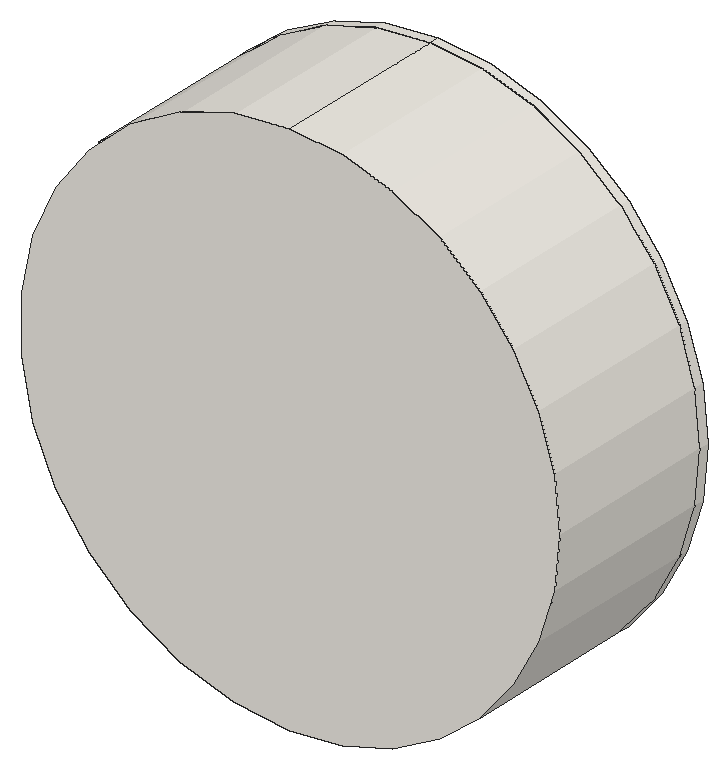
Revit family "ERA_LF_WC_SPB-201", category Осветительные приборы, Revit 2019 (continued)
Types (16, lengths in mm): name | Файл фотометрической сетки | Lumens | built-in parameter 1150142 | built-in parameter 1150107 | _Корпус_Диаметр | _Корпус_Высота | URL | ADSK_Размер_Диаметр | ADSK_Полная мощность | ADSK_Номинальная мощность | ADSK_Масса | ADSK_Марка | ADSK_Коэффициент мощности | ADSK_Размер_Высота | ADSK_Обозначение | ADSK_Наименование
  SPB-201-2-65K-012, LED, IP65, d 155х52 мм, 12 Вт, 6500 К, 1140 лм, класс защиты II, в комплекте (импульсный драйвер) | "SPB-201-2-65K-012.ies" | 1140 lm | "IESNA:LM-63-1995\r\n[DATA] 05.11.2020\r\n[MANUFAC]??РА \r\n[LUMCAT] SPB-201-2-65К-012\r\n[LUMINAIRE] Светильник\r\n[LAMP] Светодиодный модуль\r\nTILT=NONE\r\n1 1271 1.273 181 1 1 2 -0.155 0.000 0.05\r\n1 1 11.433\r\n0 1 2 3 4 5 6 7 8 9 10 11 12 13 14 15 16 17 18 19 20 21 22 23 24 25 26 27 28 29 30 31 32 33 34 35 36 37 38 39 40 41 42 43 44 45 46 47 48 49 50 51 52 53 54 55 56 57 58 59 60 61 62 63 64 65 66 67 68 69 70 71 72 73 74 75 76 77 78 79 80 81 82 83 84 85 86 87 88 89 90 91 92 93 94 95 96 97 98 99 100 101 102 103 104 105 106 107 108 109 110 111 112 113 114 115 116 117 118 119 120 121 122 123 124 125 126 127 128 129 130 131 132 133 134 135 136 137 138 139 140 141 142 143 144 145 146 147 148 149 150 151 152 153 154 155 156 157 158 159 160 161 162 163 164 165 166 167 168 169 170 171 172 173 174 175 176 177 178 179 180 \r\n0\r\n273.8 273.8 273.6 273.4 273.2 272.8 272.3 271.8 271.2 270.5 269.6 268.8 267.8 266.7 265.6 264.4 263.1 261.7 260.3 258.8 257.2 255.5 253.7 251.9 250 248 246 243.9 241.7 239.5 237.2 234.8 232.4 229.9 227.3 224.7 222.1 219.3 216.5 213.7 210.8 207.9 204.9 201.8 198.8 195.6 192.5 189.2 186 182.7 179.3 175.9 172.5 169 165.5 162 158.4 154.7 151.1 147.4 143.7 139.9 136.2 132.4 128.5 124.7 120.8 117 113.1 109.2 105.3 101.3 97.4 93.5 89.6 85.8 81.9 78.1 74.4 70.7 67.1 63.5 60.1 56.8 53.6 50.7 48 45.5 43.3 41.3 39.6 37.9 36.5 35.2 33.8 32.6 31.3 30.1 29 27.9 26.7 25.7 24.6 23.6 22.6 21.6 20.6 19.6 18.6 17.7 16.7 15.8 14.9 14.1 13.2 12.4 11.6 10.8 10.1 9.4 8.7 8.1 7.5 6.9 6.3 5.8 5.1 4.6 3.9 3.5 2.9 2.5 2 0 0 0 0 0 0 0 0 0 0 0 0 0 0 0 0 0 0 0 0 0 0 0 0 0 0 0 0 0 0 0 0 0 0 0 0 0 0 0 0 0 0 0 0 0 0 0 0" | 6500 (stored number, unit not read) | 155.00 | 52.00 | "https://www.eraworld.ru/catalog/2652985" | 155.00 | 14.1176 VA | 12 W | 0.162 | "SPB-201-2-65K-012" | 0.85 | 52.00 | "SPB-201-2-65K-012" | "Светильник, LED, круглый, настенный, IP65, d 155х52 мм, 12 Вт, 6500 К, 1140 лм, класс защиты II, в комплекте (импульсный драйвер)"
  SPB-201-0-40K-015, LED, IP65, d 175х52 мм, 15 Вт, 4000 К, 1425 лм, класс защиты II, в комплекте (импульсный драйвер) | "SPB-201-0-40K-015.ies" | 1425 lm | "IESNA:LM-63-1995\r\n[DATA] 05.11.2020\r\n[MANUFAC]??РА\r\n[LUMCAT] SPB-201-0-40К-015\r\n[LUMINAIRE] Светильник\r\n[LAMP] Светодиодный модуль\r\nTILT=NONE\r\n1 1411 1.411 181 1 1 2 -0.175 0.000 0.052\r\n1 1 14.058\r\n0 1 2 3 4 5 6 7 8 9 10 11 12 13 14 15 16 17 18 19 20 21 22 23 24 25 26 27 28 29 30 31 32 33 34 35 36 37 38 39 40 41 42 43 44 45 46 47 48 49 50 51 52 53 54 55 56 57 58 59 60 61 62 63 64 65 66 67 68 69 70 71 72 73 74 75 76 77 78 79 80 81 82 83 84 85 86 87 88 89 90 91 92 93 94 95 96 97 98 99 100 101 102 103 104 105 106 107 108 109 110 111 112 113 114 115 116 117 118 119 120 121 122 123 124 125 126 127 128 129 130 131 132 133 134 135 136 137 138 139 140 141 142 143 144 145 146 147 148 149 150 151 152 153 154 155 156 157 158 159 160 161 162 163 164 165 166 167 168 169 170 171 172 173 174 175 176 177 178 179 180 \r\n0\r\n276 276 275.9 275.7 275.5 275.1 274.7 274.3 273.7 273.1 272.4 271.6 270.8 269.8 268.8 267.7 266.5 265.3 263.9 262.5 261 259.4 257.8 256 254.2 252.3 250.4 248.3 246.2 244 241.7 239.4 237 234.6 232.1 229.5 226.8 224.1 221.3 218.5 215.6 212.6 209.6 206.5 203.4 200.2 196.9 193.6 190.2 186.7 183.3 179.7 176.1 172.5 168.8 165 161.2 157.4 153.4 149.5 145.5 141.5 137.4 133.3 129.2 125 120.8 116.5 112.3 108 103.7 99.3 95 90.7 86.3 82 77.8 73.5 69.3 65.2 61.2 57.3 53.6 50 46.6 43.4 40.5 38 35.9 34.2 32.7 31.5 30.5 29.6 28.7 27.8 27.1 26.3 25.6 24.8 24.1 23.4 22.7 22 21.4 20.7 20 19.3 18.7 18 17.3 16.7 16 15.4 14.7 14.1 13.5 12.9 12.3 11.7 11.1 10.5 10 9.4 8.9 8.4 7.9 7.4 6.9 6.4 6 5.5 5.1 4.7 4.3 3.6 3.2 2.5 2 0 0 0 0 0 0 0 0 0 0 0 0 0 0 0 0 0 0 0 0 0 0 0 0 0 0 0 0 0 0 0 0 0 0 0 0 0 0 0 0 0 0" | 4000 (stored number, unit not read) | 175.00 | 52.00 | "https://www.eraworld.ru/catalog/2652971" | 175.00 | 17.6471 VA | 15 W | 0.206 | "SPB-201-0-40K-015" | 0.85 | 52.00 | "SPB-201-0-40K-015" | "Светильник, LED, круглый, настенный, IP65, d 175х52 мм, 15 Вт, 4000 К, 1425 лм, класс защиты II, в комплекте (импульсный драйвер)"
  SPB-201-0-65K-015, LED, IP65, d 175х52 мм, 15 Вт, 6500 К, 1425 лм, класс защиты II, в комплекте (импульсный драйвер) | "SPB-201-0-65K-015.ies" | 1425 lm | "IESNA:LM-63-1995\r\n[DATA] 05.11.2020\r\n[MANUFAC]??РА\r\n[LUMCAT] SPB-201-0-65К-015\r\n[LUMINAIRE] Светильник\r\n[LAMP] Светодиодный модуль\r\nTILT=NONE\r\n1 1411 1.411 181 1 1 2 -0.175 0.000 0.052\r\n1 1 14.058\r\n0 1 2 3 4 5 6 7 8 9 10 11 12 13 14 15 16 17 18 19 20 21 22 23 24 25 26 27 28 29 30 31 32 33 34 35 36 37 38 39 40 41 42 43 44 45 46 47 48 49 50 51 52 53 54 55 56 57 58 59 60 61 62 63 64 65 66 67 68 69 70 71 72 73 74 75 76 77 78 79 80 81 82 83 84 85 86 87 88 89 90 91 92 93 94 95 96 97 98 99 100 101 102 103 104 105 106 107 108 109 110 111 112 113 114 115 116 117 118 119 120 121 122 123 124 125 126 127 128 129 130 131 132 133 134 135 136 137 138 139 140 141 142 143 144 145 146 147 148 149 150 151 152 153 154 155 156 157 158 159 160 161 162 163 164 165 166 167 168 169 170 171 172 173 174 175 176 177 178 179 180 \r\n0\r\n276 276 275.9 275.7 275.5 275.1 274.7 274.3 273.7 273.1 272.4 271.6 270.8 269.8 268.8 267.7 266.5 265.3 263.9 262.5 261 259.4 257.8 256 254.2 252.3 250.4 248.3 246.2 244 241.7 239.4 237 234.6 232.1 229.5 226.8 224.1 221.3 218.5 215.6 212.6 209.6 206.5 203.4 200.2 196.9 193.6 190.2 186.7 183.3 179.7 176.1 172.5 168.8 165 161.2 157.4 153.4 149.5 145.5 141.5 137.4 133.3 129.2 125 120.8 116.5 112.3 108 103.7 99.3 95 90.7 86.3 82 77.8 73.5 69.3 65.2 61.2 57.3 53.6 50 46.6 43.4 40.5 38 35.9 34.2 32.7 31.5 30.5 29.6 28.7 27.8 27.1 26.3 25.6 24.8 24.1 23.4 22.7 22 21.4 20.7 20 19.3 18.7 18 17.3 16.7 16 15.4 14.7 14.1 13.5 12.9 12.3 11.7 11.1 10.5 10 9.4 8.9 8.4 7.9 7.4 6.9 6.4 6 5.5 5.1 4.7 4.3 3.6 3.2 2.5 2 0 0 0 0 0 0 0 0 0 0 0 0 0 0 0 0 0 0 0 0 0 0 0 0 0 0 0 0 0 0 0 0 0 0 0 0 0 0 0 0 0 0" | 6500 (stored number, unit not read) | 175.00 | 52.00 | "https://www.eraworld.ru/catalog/2652972" | 175.00 | 17.6471 VA | 15 W | 0.206 | "SPB-201-0-65K-015" | 0.85 | 52.00 | "SPB-201-0-65K-015" | "Светильник, LED, круглый, настенный, IP65, d 175х52 мм, 15 Вт, 6500 К, 1425 лм, класс защиты II, в комплекте (импульсный драйвер)"
  SPB-201-1-40K-015, LED, IP65, d 175х52 мм, 15 Вт, 4000 К, 1425 лм, класс защиты II, в комплекте (импульсный драйвер) | "SPB-201-1-40K-015.ies" | 1425 lm | "IESNA:LM-63-1995\r\n[DATA] 05.11.2020\r\n[MANUFAC]??РА\r\n[LUMCAT] SPB-201-1-40К-015\r\n[LUMINAIRE] Светильник\r\n[LAMP] Светодиодный модуль\r\nTILT=NONE\r\n1 1411 1.411 181 1 1 2 -0.175 0.000 0.052\r\n1 1 14.058\r\n0 1 2 3 4 5 6 7 8 9 10 11 12 13 14 15 16 17 18 19 20 21 22 23 24 25 26 27 28 29 30 31 32 33 34 35 36 37 38 39 40 41 42 43 44 45 46 47 48 49 50 51 52 53 54 55 56 57 58 59 60 61 62 63 64 65 66 67 68 69 70 71 72 73 74 75 76 77 78 79 80 81 82 83 84 85 86 87 88 89 90 91 92 93 94 95 96 97 98 99 100 101 102 103 104 105 106 107 108 109 110 111 112 113 114 115 116 117 118 119 120 121 122 123 124 125 126 127 128 129 130 131 132 133 134 135 136 137 138 139 140 141 142 143 144 145 146 147 148 149 150 151 152 153 154 155 156 157 158 159 160 161 162 163 164 165 166 167 168 169 170 171 172 173 174 175 176 177 178 179 180 \r\n0\r\n276 276 275.9 275.7 275.5 275.1 274.7 274.3 273.7 273.1 272.4 271.6 270.8 269.8 268.8 267.7 266.5 265.3 263.9 262.5 261 259.4 257.8 256 254.2 252.3 250.4 248.3 246.2 244 241.7 239.4 237 234.6 232.1 229.5 226.8 224.1 221.3 218.5 215.6 212.6 209.6 206.5 203.4 200.2 196.9 193.6 190.2 186.7 183.3 179.7 176.1 172.5 168.8 165 161.2 157.4 153.4 149.5 145.5 141.5 137.4 133.3 129.2 125 120.8 116.5 112.3 108 103.7 99.3 95 90.7 86.3 82 77.8 73.5 69.3 65.2 61.2 57.3 53.6 50 46.6 43.4 40.5 38 35.9 34.2 32.7 31.5 30.5 29.6 28.7 27.8 27.1 26.3 25.6 24.8 24.1 23.4 22.7 22 21.4 20.7 20 19.3 18.7 18 17.3 16.7 16 15.4 14.7 14.1 13.5 12.9 12.3 11.7 11.1 10.5 10 9.4 8.9 8.4 7.9 7.4 6.9 6.4 6 5.5 5.1 4.7 4.3 3.6 3.2 2.5 2 0 0 0 0 0 0 0 0 0 0 0 0 0 0 0 0 0 0 0 0 0 0 0 0 0 0 0 0 0 0 0 0 0 0 0 0 0 0 0 0 0 0" | 4000 (stored number, unit not read) | 175.00 | 52.00 | "https://www.eraworld.ru/catalog/2652980" | 175.00 | 17.6471 VA | 15 W | 0.21 | "SPB-201-1-40K-015" | 0.85 | 52.00 | "SPB-201-1-40K-015" | "Светильник, LED, круглый, настенный, IP65, d 175х52 мм, 15 Вт, 4000 К, 1425 лм, класс защиты II, в комплекте (импульсный драйвер)"
  SPB-201-1-65K-015, LED, IP65, d 175х52 мм, 15 Вт, 6500 К, 1425 лм, класс защиты II, в комплекте (импульсный драйвер) | "SPB-201-1-65K-015.ies" | 1425 lm | "IESNA:LM-63-1995\r\n[DATA] 05.11.2020\r\n[MANUFAC]??РА\r\n[LUMCAT] SPB-201-1-65К-015\r\n[LUMINAIRE] Светильник\r\n[LAMP] Светодиодный модуль\r\nTILT=NONE\r\n1 1411 1.411 181 1 1 2 -0.175 0.000 0.052\r\n1 1 14.058\r\n0 1 2 3 4 5 6 7 8 9 10 11 12 13 14 15 16 17 18 19 20 21 22 23 24 25 26 27 28 29 30 31 32 33 34 35 36 37 38 39 40 41 42 43 44 45 46 47 48 49 50 51 52 53 54 55 56 57 58 59 60 61 62 63 64 65 66 67 68 69 70 71 72 73 74 75 76 77 78 79 80 81 82 83 84 85 86 87 88 89 90 91 92 93 94 95 96 97 98 99 100 101 102 103 104 105 106 107 108 109 110 111 112 113 114 115 116 117 118 119 120 121 122 123 124 125 126 127 128 129 130 131 132 133 134 135 136 137 138 139 140 141 142 143 144 145 146 147 148 149 150 151 152 153 154 155 156 157 158 159 160 161 162 163 164 165 166 167 168 169 170 171 172 173 174 175 176 177 178 179 180 \r\n0\r\n276 276 275.9 275.7 275.5 275.1 274.7 274.3 273.7 273.1 272.4 271.6 270.8 269.8 268.8 267.7 266.5 265.3 263.9 262.5 261 259.4 257.8 256 254.2 252.3 250.4 248.3 246.2 244 241.7 239.4 237 234.6 232.1 229.5 226.8 224.1 221.3 218.5 215.6 212.6 209.6 206.5 203.4 200.2 196.9 193.6 190.2 186.7 183.3 179.7 176.1 172.5 168.8 165 161.2 157.4 153.4 149.5 145.5 141.5 137.4 133.3 129.2 125 120.8 116.5 112.3 108 103.7 99.3 95 90.7 86.3 82 77.8 73.5 69.3 65.2 61.2 57.3 53.6 50 46.6 43.4 40.5 38 35.9 34.2 32.7 31.5 30.5 29.6 28.7 27.8 27.1 26.3 25.6 24.8 24.1 23.4 22.7 22 21.4 20.7 20 19.3 18.7 18 17.3 16.7 16 15.4 14.7 14.1 13.5 12.9 12.3 11.7 11.1 10.5 10 9.4 8.9 8.4 7.9 7.4 6.9 6.4 6 5.5 5.1 4.7 4.3 3.6 3.2 2.5 2 0 0 0 0 0 0 0 0 0 0 0 0 0 0 0 0 0 0 0 0 0 0 0 0 0 0 0 0 0 0 0 0 0 0 0 0 0 0 0 0 0 0" | 6500 (stored number, unit not read) | 175.00 | 52.00 | "https://www.eraworld.ru/catalog/2652981" | 175.00 | 17.6471 VA | 15 W | 0.21 | "SPB-201-1-65K-015" | 0.85 | 52.00 | "SPB-201-1-65K-015" | "Светильник, LED, круглый, настенный, IP65, d 175х52 мм, 15 Вт, 6500 К, 1425 лм, класс защиты II, в комплекте (импульсный драйвер)"
  SPB-201-2-40K-015, LED, IP65, d 175х52 мм, 15 Вт, 4000 К, 1425 лм, класс защиты II, в комплекте (импульсный драйвер) | "SPB-201-2-40K-015.ies" | 1425 lm | "IESNA:LM-63-1995\r\n[DATA] 05.11.2020\r\n[MANUFAC]??РА\r\n[LUMCAT] SPB-201-2-40К-015\r\n[LUMINAIRE] Светильник\r\n[LAMP] Светодиодный модуль\r\nTILT=NONE\r\n1 1411 1.411 181 1 1 2 -0.175 0.000 0.052\r\n1 1 14.058\r\n0 1 2 3 4 5 6 7 8 9 10 11 12 13 14 15 16 17 18 19 20 21 22 23 24 25 26 27 28 29 30 31 32 33 34 35 36 37 38 39 40 41 42 43 44 45 46 47 48 49 50 51 52 53 54 55 56 57 58 59 60 61 62 63 64 65 66 67 68 69 70 71 72 73 74 75 76 77 78 79 80 81 82 83 84 85 86 87 88 89 90 91 92 93 94 95 96 97 98 99 100 101 102 103 104 105 106 107 108 109 110 111 112 113 114 115 116 117 118 119 120 121 122 123 124 125 126 127 128 129 130 131 132 133 134 135 136 137 138 139 140 141 142 143 144 145 146 147 148 149 150 151 152 153 154 155 156 157 158 159 160 161 162 163 164 165 166 167 168 169 170 171 172 173 174 175 176 177 178 179 180 \r\n0\r\n276 276 275.9 275.7 275.5 275.1 274.7 274.3 273.7 273.1 272.4 271.6 270.8 269.8 268.8 267.7 266.5 265.3 263.9 262.5 261 259.4 257.8 256 254.2 252.3 250.4 248.3 246.2 244 241.7 239.4 237 234.6 232.1 229.5 226.8 224.1 221.3 218.5 215.6 212.6 209.6 206.5 203.4 200.2 196.9 193.6 190.2 186.7 183.3 179.7 176.1 172.5 168.8 165 161.2 157.4 153.4 149.5 145.5 141.5 137.4 133.3 129.2 125 120.8 116.5 112.3 108 103.7 99.3 95 90.7 86.3 82 77.8 73.5 69.3 65.2 61.2 57.3 53.6 50 46.6 43.4 40.5 38 35.9 34.2 32.7 31.5 30.5 29.6 28.7 27.8 27.1 26.3 25.6 24.8 24.1 23.4 22.7 22 21.4 20.7 20 19.3 18.7 18 17.3 16.7 16 15.4 14.7 14.1 13.5 12.9 12.3 11.7 11.1 10.5 10 9.4 8.9 8.4 7.9 7.4 6.9 6.4 6 5.5 5.1 4.7 4.3 3.6 3.2 2.5 2 0 0 0 0 0 0 0 0 0 0 0 0 0 0 0 0 0 0 0 0 0 0 0 0 0 0 0 0 0 0 0 0 0 0 0 0 0 0 0 0 0 0" | 4000 (stored number, unit not read) | 175.00 | 52.00 | "https://www.eraworld.ru/catalog/2652986" | 175.00 | 17.6471 VA | 15 W | 0.215 | "SPB-201-2-40K-015" | 0.85 | 52.00 | "SPB-201-2-40K-015" | "Светильник, LED, круглый, настенный, IP65, d 175х52 мм, 15 Вт, 4000 К, 1425 лм, класс защиты II, в комплекте (импульсный драйвер)"
  SPB-201-2-65K-015, LED, IP65, d 175х52 мм, 15 Вт, 6500 К, 1425 лм, класс защиты II, в комплекте (импульсный драйвер) | "SPB-201-2-65K-015.ies" | 1425 lm | "IESNA:LM-63-1995\r\n[DATA] 05.11.2020\r\n[MANUFAC]??РА\r\n[LUMCAT] SPB-201-2-65К-015\r\n[LUMINAIRE] Светильник\r\n[LAMP] Светодиодный модуль\r\nTILT=NONE\r\n1 1411 1.411 181 1 1 2 -0.175 0.000 0.052\r\n1 1 14.058\r\n0 1 2 3 4 5 6 7 8 9 10 11 12 13 14 15 16 17 18 19 20 21 22 23 24 25 26 27 28 29 30 31 32 33 34 35 36 37 38 39 40 41 42 43 44 45 46 47 48 49 50 51 52 53 54 55 56 57 58 59 60 61 62 63 64 65 66 67 68 69 70 71 72 73 74 75 76 77 78 79 80 81 82 83 84 85 86 87 88 89 90 91 92 93 94 95 96 97 98 99 100 101 102 103 104 105 106 107 108 109 110 111 112 113 114 115 116 117 118 119 120 121 122 123 124 125 126 127 128 129 130 131 132 133 134 135 136 137 138 139 140 141 142 143 144 145 146 147 148 149 150 151 152 153 154 155 156 157 158 159 160 161 162 163 164 165 166 167 168 169 170 171 172 173 174 175 176 177 178 179 180 \r\n0\r\n276 276 275.9 275.7 275.5 275.1 274.7 274.3 273.7 273.1 272.4 271.6 270.8 269.8 268.8 267.7 266.5 265.3 263.9 262.5 261 259.4 257.8 256 254.2 252.3 250.4 248.3 246.2 244 241.7 239.4 237 234.6 232.1 229.5 226.8 224.1 221.3 218.5 215.6 212.6 209.6 206.5 203.4 200.2 196.9 193.6 190.2 186.7 183.3 179.7 176.1 172.5 168.8 165 161.2 157.4 153.4 149.5 145.5 141.5 137.4 133.3 129.2 125 120.8 116.5 112.3 108 103.7 99.3 95 90.7 86.3 82 77.8 73.5 69.3 65.2 61.2 57.3 53.6 50 46.6 43.4 40.5 38 35.9 34.2 32.7 31.5 30.5 29.6 28.7 27.8 27.1 26.3 25.6 24.8 24.1 23.4 22.7 22 21.4 20.7 20 19.3 18.7 18 17.3 16.7 16 15.4 14.7 14.1 13.5 12.9 12.3 11.7 11.1 10.5 10 9.4 8.9 8.4 7.9 7.4 6.9 6.4 6 5.5 5.1 4.7 4.3 3.6 3.2 2.5 2 0 0 0 0 0 0 0 0 0 0 0 0 0 0 0 0 0 0 0 0 0 0 0 0 0 0 0 0 0 0 0 0 0 0 0 0 0 0 0 0 0 0" | 6500 (stored number, unit not read) | 175.00 | 52.00 | "https://www.eraworld.ru/catalog/2652987" | 175.00 | 17.6471 VA | 15 W | 0.215 | "SPB-201-2-65K-015" | 0.85 | 52.00 | "SPB-201-2-65K-015" | "Светильник, LED, круглый, настенный, IP65, d 175х52 мм, 15 Вт, 6500 К, 1425 лм, класс защиты II, в комплекте (импульсный драйвер)"
